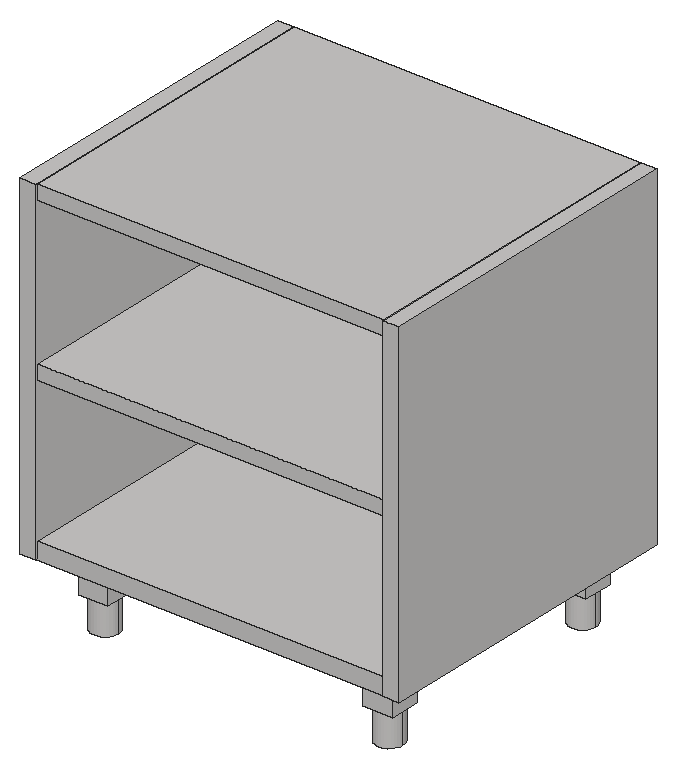
Revit family "QF_ELECTROLUXPROFESSIONAL_121812_TERG8", category Attrezzature speciali, Revit 2020
Family settings
  Quota connettore circolare = Usa diametro
  Tipo di parte = Normale
  Basato su piano di lavoro = No
  Sempre verticale = Sì
  Taglio con vuoti quando caricato = No
  Condiviso = No
  Punto di calcolo locali = No
Parameters (values of type "Standard")
  Weight = 11.00 kg
  Watts = 0 W
  Volts = 0 V
  URL Manufacturer = "https://www.electroluxprofessional.com/"
  URL = "https://www.electroluxprofessional.com/"
  Steam Supply Size = 0 mm
  Steam Supply Minimum Pressure = 0.0 Pa
  Steam Supply Maximum Pressure = 0.0 Pa
  Steam Consumption per Hour = 0
  Refrigeration Suction Line Size = 0.0 mm
  Refrigeration Liquid Line Size = 0.0 mm
  Refrigerant Compressor Remote = yes
  Prospetto di default = 0.0 mm
  Phase = 0
  Modello = "TERG8"
  Produttore = "Electrolux Professional"
  Length Actual = 800.0 mm  # constant formula
  Item Number = "121812"
  Hot Water Size = 0 mm
  Height Actual = 860.0 mm  # constant formula
  HP = "0 HP"
  Gas Size = 0 mm
  Gas KW = 0
  Gas Input Pressure = 0 W
  Direct Waste Size = 0 mm
  Descrizione = "OPEN AMBIENT UNIT 800MM"
  Depth Actual = 680.0 mm  # constant formula
  Cycle = 0 Hz
  Condensate Return Size = 0 mm
  Compressed Air Volume = 0.0 L/s
  Compressed Air Size = 0 mm
  Compressed Air Pressure = 0.0 Pa
  Cold Water Size = 0 mm
  Accessory = yes
Reference planes
  plane 1 "Center (Front/Back)": y = 0
  plane 2: z = 0
  plane 3 "Center (Left/Right)": x = -300
  plane 4 "LEFT": x = -700
  plane 5 "RIGHT": x = 100
  plane 6 "BACK": y = 340
  plane 7 "FRONT": y = -340
  plane 8 "Base": z = 860
  plane 9 "TOP": z = 900
  plane 10: x = -600
  plane 11: x = 0
  plane 12: y = 270
  plane 13: y = -240
  plane 14 "FEET": z = 150
  plane 15: x = 152.5
  plane 16: x = -666
  plane 17: x = 66
  plane 18: y = -337
  plane 19: y = 310
Forms (mm)
  Extrusion 1, solid, material "QF_Finishes_Stainless Steel"
    sketch origin (0, 0, 150) x (-1, 0, 0) y (0, -1, 0)
      loop
        line (700, -340) -> (700, 340) -> (666, 340) -> (666, -340) -> (700, -340)
      loop
        line (-66, -340) -> (-66, 340) -> (-100, 340) -> (-100, -340) -> (-66, -340)
    from 0 to 710
  Extrusion 2, solid, material "QF_Finishes_Stainless Steel"
    sketch origin (0, 0, 150) x (-1, 0, 0) y (0, -1, 0)
      loop
        line (666, -310) -> (666, 337) -> (-66, 337) -> (-66, -310) -> (666, -310)
    from 0 to 35
  Extrusion 3, solid, material "QF_Finishes_Stainless Steel"
    sketch origin (0, 0, 0) x (1, 0, 0) y (0, 1, 0)
      loop
        line (-666, -337) -> (66, -337) -> (66, 310) -> (-666, 310) -> (-666, -337)
    from 490 to 520
  Extrusion 4, solid, material "QF_Finishes_Stainless Steel"
    sketch origin (0, 0, 0) x (1, 0, 0) y (0, 1, 0)
      loop
        line (-666, -337) -> (66, -337) -> (66, 340) -> (-666, 340) -> (-666, -337)
    from 830 to 860
  Extrusion 5, solid, material "QF_Finishes_Stainless Steel"
    sketch origin (0, 0, 150) x (-1, 0, 0) y (0, -1, 0)
      loop
        line (666, -340) -> (666, -310) -> (-66, -310) -> (-66, -340) -> (666, -340)
    from 680 to 0
Lines and regions (mm)
  symbolic lines, style "SpecialityEquipmentHiddenLines"
    curve 1: line (100, 340, 900) -> (-700, 340, 900)
    curve 2: line (100, -340, 900) -> (100, 340, 900)
    curve 3: line (-700, -344.5, 150) -> (-700, 340, 150)
    curve 4: line (-700, -340, 150) -> (-666, -340, 150)
    curve 5: line (-666, -340, 150) -> (-666, -337, 150)
    curve 6: line (-666, -337, 150) -> (66, -337, 150)
    curve 7: line (66, -337, 150) -> (66, -340, 150)
    curve 8: line (66, -340, 150) -> (100, -340, 150)
Dimensions and locks
  plane 4 "LEFT" to plane 5 "RIGHT" = 800.0 mm
  equal spacing: plane 4 "LEFT", plane 3 "Center (Left/Right)", plane 5 "RIGHT"
  plane 6 "BACK" to plane 7 "FRONT" = 680.0 mm
  equal spacing: plane 6 "BACK", plane 1 "Center (Front/Back)", plane 7 "FRONT"
  locked: plane 14 "FEET" to level at 150
  locked: plane 4 "LEFT" to plane 10 at 100
  locked: plane 11 to plane 5 "RIGHT" at 100
  locked: plane 4 "LEFT" to plane 16 at 34
  locked: plane 17 to plane 5 "RIGHT" at 34
  plane 18 to plane 7 "FRONT" = 3.0 mm
  plane 6 "BACK" to plane 19 = 30.0 mm
  locked: plane 6 "BACK" to plane 12 at 70
  locked: plane 13 to plane 7 "FRONT" at 100
  locked: plane 8 "Base" to level at 860
  locked: plane 9 "TOP" to level at 900
  aligned and locked: level to plane 2
  aligned and locked: plane 10 to nested 1
  aligned and locked: plane 11 to nested 2
  aligned and locked: plane 11 to nested 4
  aligned and locked: nested 4 to plane 12
  aligned and locked: plane 10 to nested 3
  aligned and locked: nested 3 to plane 12
  aligned and locked: plane 8 "Base" to Extrusion 1
  aligned and locked: plane 6 "BACK" to Extrusion 1 sketch curve
  aligned and locked: Extrusion 1 sketch curve to plane 6 "BACK"
  aligned and locked: plane 7 "FRONT" to Extrusion 1 sketch curve
  aligned and locked: Extrusion 1 sketch curve to plane 7 "FRONT"
  aligned and locked: plane 16 to Extrusion 1
  aligned and locked: Extrusion 1 to plane 17
  aligned and locked: Extrusion 2 to plane 16
  aligned and locked: plane 17 to Extrusion 2
  aligned and locked: plane 17 to Extrusion 3
  aligned and locked: Extrusion 3 to plane 16
  aligned and locked: plane 8 "Base" to Extrusion 4
  aligned and locked: Extrusion 2 to plane 18
  aligned and locked: Extrusion 2 to plane 19
  aligned and locked: Extrusion 3 to plane 19
  aligned and locked: Extrusion 4 to plane 18
  aligned and locked: Extrusion 3 to plane 18
  aligned and locked: plane 16 to Extrusion 5 sketch curve
  aligned and locked: Extrusion 5 sketch curve to plane 17
  aligned and locked: Extrusion 5 sketch curve to plane 6 "BACK"
  aligned and locked: Extrusion 5 sketch curve to plane 19
  aligned and locked: Extrusion 5 to Extrusion 4
  aligned and locked: Extrusion 5 to plane 14 "FEET"
  aligned and locked: plane 6 "BACK" to Extrusion 4
  aligned and locked: nested 1 to plane 13
  aligned and locked: nested 2 to plane 13
Automatic sketch dimensions
  curve 2 to plane 5 "RIGHT" = 0.0 mm
  curve 2 to plane 7 "FRONT" = 0.0 mm
  curve 1 to plane 4 "LEFT" = 0.0 mm
  curve 1 to plane 6 "BACK" = 0.0 mm
  Extrusion 1 sketch curve to plane 5 "RIGHT" = 0.0 mm
  Extrusion 1 sketch curve to plane 17 = 0.0 mm
  Extrusion 1 sketch curve to plane 16 = 0.0 mm
  Extrusion 1 sketch curve to plane 4 "LEFT" = 0.0 mm
  Extrusion 2 sketch curve to plane 17 = 0.0 mm
  Extrusion 2 sketch curve to plane 16 = 0.0 mm
  plane 19 to Extrusion 2 sketch curve = 0.0 mm
  Extrusion 2 sketch curve to plane 18 = 0.0 mm
  curve 8 to plane 5 "RIGHT" = 0.0 mm
  curve 8 to plane 7 "FRONT" = 0.0 mm
  curve 8 to plane 17 = 0.0 mm
  curve 6 to plane 16 = 0.0 mm
  curve 3 to plane 4 "LEFT" = 0.0 mm
  curve 3 to plane 6 "BACK" = 0.0 mm
  curve 6 to plane 18 = 0.0 mm
  curve 4 to plane 7 "FRONT" = 0.0 mm
  curve 4 to curve 3 = 4.5 mm
  Extrusion 3 sketch curve to plane 16 = 0.0 mm
  Extrusion 3 sketch curve to plane 17 = 0.0 mm
  Extrusion 3 sketch curve to plane 18 = 0.0 mm
  plane 19 to Extrusion 3 sketch curve = 0.0 mm
  Extrusion 4 sketch curve to plane 16 = 0.0 mm
  Extrusion 4 sketch curve to plane 17 = 0.0 mm
  Extrusion 4 sketch curve to plane 18 = 0.0 mm
  Extrusion 4 sketch curve to plane 19 = 30.0 mm
Nested families
  nested 1: "FEET_L63-150" at (-600, -240, 0), type "FEET_L63-150"
  nested 2: "FEET_L63-150" at (0, -240, 0), type "FEET_L63-150"
  nested 3: "FEET_L63-150" at (-600, 270, 0), type "FEET_L63-150"
  nested 4: "FEET_L63-150" at (0, 270, 0), type "FEET_L63-150"
Definition of nested family "FEET_L63-150"
  Parameters
    Default Elevation = 0.0 mm
    FEET = 150.0 mm
  Reference planes
    plane 1 "Center (Front/Back)": y = 0
    plane 2: z = 0
    plane 3 "Center (Left/Right)": x = 0
    plane 4: z = 150
  Forms (mm)
    Extrusion 1, solid
      sketch origin (0, 0, 0) x (1, 0, 0) y (0, 1, 0)
        loop
          circle (0, 0) r 28
      from 0 to 67
    Extrusion 2, solid
      sketch origin (0, 0, 0) x (1, 0, 0) y (0, 1, 0)
        loop
          line (31.561, 31.5) -> (-31.439, 31.5) -> (-31.439, -31.5) -> (31.561, -31.5) -> (31.561, 31.5)
      from 67 to 150 <- "FEET"
  Lines and regions (mm)
    symbolic lines
      curve 1: line (0, -1.503, 0) -> (0, 1.508, 0)
      curve 2: line (1.561, 0, 0) -> (-1.439, 0, 0)
  Dimensions and locks
    "FEET": plane 4 to plane 2
    aligned and locked: level to plane 2
  Automatic sketch dimensions
    plane 1 "Center (Front/Back)" to Extrusion 1 sketch curve = 0.0 mm
    Extrusion 1 sketch curve to plane 3 "Center (Left/Right)" = 0.0 mm
    plane 1 "Center (Front/Back)" to curve 2 = 0.0 mm
    curve 1 to plane 3 "Center (Left/Right)" = 0.0 mm
    curve 2 to plane 3 "Center (Left/Right)" = 1.439 mm
    plane 3 "Center (Left/Right)" to curve 2 = 1.561 mm
    plane 1 "Center (Front/Back)" to curve 1 = 1.503 mm
    curve 1 to plane 1 "Center (Front/Back)" = 1.508 mm
    Extrusion 2 sketch curve to plane 1 "Center (Front/Back)" = 31.5 mm
    Extrusion 2 sketch curve to plane 3 "Center (Left/Right)" = 31.439 mm
    plane 3 "Center (Left/Right)" to Extrusion 2 sketch curve = 31.561 mm
    plane 1 "Center (Front/Back)" to Extrusion 2 sketch curve = 31.5 mm
    radius of Extrusion 1 sketch curve = 28.0 mm
